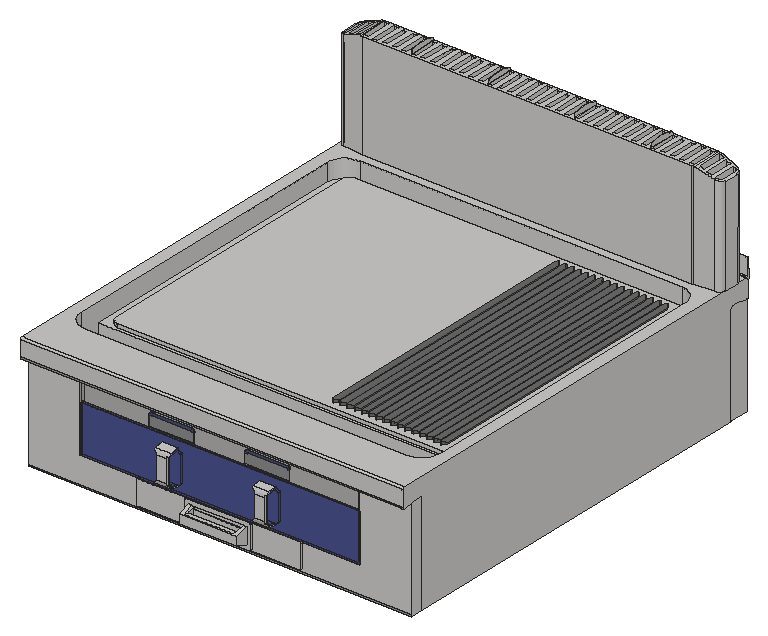
Revit family "QF_ELECTROLUXPROFESSIONAL_593325_MCHNABHOVO", category Specialty Equipment, Revit 2018 (continued)
Definition of nested family "GG_900_Backsplash for 800 fryer"
  Automatic sketch dimensions
    Extrusion 39 sketch curve to Extrusion 39 sketch curve = 0.056 mm
    Extrusion 39 sketch curve to Extrusion 39 sketch curve = 4 mm
    level to Extrusion 39 sketch curve = 1058.216 mm
    Extrusion 39 sketch curve to Extrusion 39 sketch curve = 49.354 mm
    Extrusion 39 sketch curve to Extrusion 39 sketch curve = 3.029 mm  (x2)
    Extrusion 39 sketch curve to Extrusion 39 sketch curve = 0.001 mm  (x4)
    Extrusion 39 sketch curve to Extrusion 39 sketch curve = 2.392 mm
    Extrusion 40 sketch curve to Extrusion 40 sketch curve = 0 mm  (x3)
    plane 4 to Extrusion 40 sketch curve = 152.48 mm
    Extrusion 40 sketch curve to Extrusion 40 sketch curve = 1 mm  (x2)
    Extrusion 40 sketch curve to Extrusion 40 sketch curve = 0.732 mm
    level to Extrusion 40 sketch curve = 1106.571 mm
    plane 6 to Extrusion 41 sketch curve = 26.484 mm
    Extrusion 41 sketch curve to Extrusion 41 sketch curve = 3.168 mm
    Extrusion 41 sketch curve to Extrusion 41 sketch curve = 0.003 mm
    Extrusion 41 sketch curve to Extrusion 41 sketch curve = 0.832 mm
    Extrusion 41 sketch curve to Extrusion 41 sketch curve = 11.257 mm
    Extrusion 41 sketch curve to Extrusion 41 sketch curve = 0 mm  (x2)
    Extrusion 41 sketch curve to plane 6 = 0.419 mm
    Extrusion 41 sketch curve to plane 6 = 12.894 mm
    Extrusion 41 sketch curve to Extrusion 41 sketch curve = 10.482 mm
    Extrusion 41 sketch curve to Extrusion 41 sketch curve = 0.775 mm
    Extrusion 41 sketch curve to Extrusion 41 sketch curve = 0.056 mm
    Extrusion 41 sketch curve to Extrusion 41 sketch curve = 4 mm
    level to Extrusion 41 sketch curve = 1058.216 mm
    Extrusion 41 sketch curve to Extrusion 41 sketch curve = 49.354 mm
    Extrusion 41 sketch curve to Extrusion 41 sketch curve = 3.029 mm  (x2)
    Extrusion 41 sketch curve to Extrusion 41 sketch curve = 0.001 mm  (x4)
    Extrusion 41 sketch curve to Extrusion 41 sketch curve = 2.392 mm
    Extrusion 42 sketch curve to Extrusion 42 sketch curve = 0 mm  (x3)
    Extrusion 42 sketch curve to plane 3 "Center (Left/Right)" = 87.373 mm
    Extrusion 42 sketch curve to Extrusion 42 sketch curve = 1 mm  (x2)
    Extrusion 42 sketch curve to Extrusion 42 sketch curve = 0.732 mm
    level to Extrusion 42 sketch curve = 1106.571 mm
    plane 6 to Extrusion 43 sketch curve = 26.484 mm
    Extrusion 43 sketch curve to Extrusion 43 sketch curve = 3.168 mm
    Extrusion 43 sketch curve to Extrusion 43 sketch curve = 0.003 mm
    Extrusion 43 sketch curve to Extrusion 43 sketch curve = 0.832 mm
    Extrusion 43 sketch curve to Extrusion 43 sketch curve = 11.257 mm
    Extrusion 43 sketch curve to Extrusion 43 sketch curve = 0 mm  (x2)
    Extrusion 43 sketch curve to plane 6 = 0.419 mm
    Extrusion 43 sketch curve to plane 6 = 12.894 mm
    Extrusion 43 sketch curve to Extrusion 43 sketch curve = 10.482 mm
    Extrusion 43 sketch curve to Extrusion 43 sketch curve = 0.775 mm
    Extrusion 43 sketch curve to Extrusion 43 sketch curve = 0.056 mm
    Extrusion 43 sketch curve to Extrusion 43 sketch curve = 4 mm
    level to Extrusion 43 sketch curve = 1058.216 mm
    Extrusion 43 sketch curve to Extrusion 43 sketch curve = 49.354 mm
    Extrusion 43 sketch curve to Extrusion 43 sketch curve = 3.029 mm  (x2)
    Extrusion 43 sketch curve to Extrusion 43 sketch curve = 0.001 mm  (x4)
    Extrusion 43 sketch curve to Extrusion 43 sketch curve = 2.392 mm
    Extrusion 44 sketch curve to Extrusion 44 sketch curve = 0 mm  (x3)
    Extrusion 44 sketch curve to plane 5 = 145 mm
    Extrusion 44 sketch curve to Extrusion 44 sketch curve = 1 mm  (x2)
    Extrusion 44 sketch curve to Extrusion 44 sketch curve = 0.732 mm
    level to Extrusion 44 sketch curve = 1107.571 mm
    plane 6 to Extrusion 45 sketch curve = 26.484 mm
    Extrusion 45 sketch curve to Extrusion 45 sketch curve = 3.168 mm
    Extrusion 45 sketch curve to Extrusion 45 sketch curve = 0.003 mm
    Extrusion 45 sketch curve to Extrusion 45 sketch curve = 0.832 mm
    Extrusion 45 sketch curve to Extrusion 45 sketch curve = 11.257 mm
    Extrusion 45 sketch curve to Extrusion 45 sketch curve = 0 mm  (x2)
    Extrusion 45 sketch curve to plane 6 = 0.419 mm
    Extrusion 45 sketch curve to plane 6 = 12.894 mm
    Extrusion 45 sketch curve to Extrusion 45 sketch curve = 10.482 mm
    Extrusion 45 sketch curve to Extrusion 45 sketch curve = 0.775 mm
    Extrusion 45 sketch curve to Extrusion 45 sketch curve = 0.056 mm
    Extrusion 45 sketch curve to Extrusion 45 sketch curve = 4 mm
    level to Extrusion 45 sketch curve = 1058.216 mm
    Extrusion 45 sketch curve to Extrusion 45 sketch curve = 49.354 mm
    Extrusion 45 sketch curve to Extrusion 45 sketch curve = 3.029 mm  (x2)
    Extrusion 45 sketch curve to Extrusion 45 sketch curve = 0.001 mm  (x4)
    Extrusion 45 sketch curve to Extrusion 45 sketch curve = 2.392 mm
    Extrusion 46 sketch curve to Extrusion 46 sketch curve = 0 mm  (x3)
    plane 3 "Center (Left/Right)" to Extrusion 46 sketch curve = 94.792 mm
    Extrusion 46 sketch curve to Extrusion 46 sketch curve = 1 mm  (x2)
    Extrusion 46 sketch curve to Extrusion 46 sketch curve = 0.732 mm
    level to Extrusion 46 sketch curve = 1107.571 mm
    curve 15 to plane 5 = 0 mm
    plane 6 to curve 6 = 32.954 mm
    curve 17 to plane 4 = 0 mm
    plane 4 to curve 16 = 0.886 mm
    plane 4 to curve 2 = 11.608 mm
    plane 4 to curve 7 = 11.608 mm
    curve 5 to curve 6 = 58.231 mm
    plane 1 "Center (Front/Back)" to curve 1 = 5.039 mm
    curve 3 to curve 1 = 58.231 mm
    curve 8 to plane 5 = 70.951 mm
    curve 1 to curve 6 = 0 mm
    curve 12 to plane 5 = 12.72 mm
    curve 8 to plane 5 = 12.72 mm
    curve 15 to plane 5 = 1.998 mm
    curve 14 to curve 9 = 1.998 mm
    plane 4 to curve 17 = 0.886 mm
    curve 3 to curve 3 = 11.746 mm
    curve 5 to curve 5 = 11.746 mm
    curve 11 to curve 11 = 11.746 mm
    curve 10 to curve 10 = 11.746 mm
    plane 6 to curve 7 = 27.86 mm
    plane 6 to curve 8 = 27.86 mm
    plane 6 to curve 15 = 15.407 mm
    curve 14 to plane 6 = 15.407 mm
    curve 4 to plane 6 = 15.407 mm
    plane 1 "Center (Front/Back)" to curve 2 = 10.134 mm
    plane 1 "Center (Front/Back)" to curve 12 = 10.134 mm
    plane 6 to curve 17 = 15.407 mm
Definition of nested family "GG_900_800 mm Half Grate"
  Parameters
    Length = 662 mm
    Array = Length / 15 mm  # 44
  Reference planes
    plane 1 "Center (Front/Back)": y = 0
    plane 2: z = 0
    plane 3 "Center (Left/Right)": x = 0
    plane 4: x = -355
    plane 5: x = 355
    plane 6: z = 900
    plane 7: z = 888
    plane 8: x = -331
    plane 9: x = 331
  Forms (mm)
    Extrusion 1, solid
      sketch origin (453.786, 467.26, 0) x (1, 0, 0) y (0, 1, 0)
        loop
          line (-808.786, -175.198) -> (-808.786, -760.472)
          arc (-808.786, -760.472) -> (-803.807, -772.493) -> (-791.786, -777.472) r 17
          line (-791.786, -777.472) -> (-116.936, -777.472)
          arc (-116.936, -777.472) -> (-104.102, -772.156) -> (-98.786, -759.322) r 18.15
          line (-98.786, -759.322) -> (-98.786, -175.198)
          arc (-98.786, -175.198) -> (-104.102, -162.364) -> (-116.936, -157.048) r 18.15
          line (-116.936, -157.048) -> (-790.636, -157.048)
          arc (-790.636, -157.048) -> (-803.47, -162.364) -> (-808.786, -175.198) r 18.15
      from 888 to 894.474
  Lines and regions (mm)
    symbolic lines
      curve 1: line (324.5, -295.767, 0) -> (318, -286.484, 0)
      curve 2: line (331, -286.484, 0) -> (324.5, -295.767, 0)
      curve 3: line (98.105, -295.767, 0) -> (91.605, -286.484, 0)
      curve 4: line (104.605, -286.484, 0) -> (98.105, -295.767, 0)
      curve 5: line (113.198, -295.767, 0) -> (106.698, -286.484, 0)
      curve 6: line (119.698, -286.484, 0) -> (113.198, -295.767, 0)
      curve 7: line (128.291, -295.767, 0) -> (121.791, -286.484, 0)
      curve 8: line (134.791, -286.484, 0) -> (128.291, -295.767, 0)
      curve 9: line (143.384, -295.767, 0) -> (136.884, -286.484, 0)
      curve 10: line (149.884, -286.484, 0) -> (143.384, -295.767, 0)
      curve 11: line (158.477, -295.767, 0) -> (151.977, -286.484, 0)
      curve 12: line (164.977, -286.484, 0) -> (158.477, -295.767, 0)
      curve 13: line (173.57, -295.767, 0) -> (167.07, -286.484, 0)
      curve 14: line (180.07, -286.484, 0) -> (173.57, -295.767, 0)
      curve 15: line (188.663, -295.767, 0) -> (182.163, -286.484, 0)
      curve 16: line (195.163, -286.484, 0) -> (188.663, -295.767, 0)
      curve 17: line (203.756, -295.767, 0) -> (197.256, -286.484, 0)
      curve 18: line (210.256, -286.484, 0) -> (203.756, -295.767, 0)
      curve 19: line (218.849, -295.767, 0) -> (212.349, -286.484, 0)
      curve 20: line (225.349, -286.484, 0) -> (218.849, -295.767, 0)
      curve 21: line (233.942, -295.767, 0) -> (227.442, -286.484, 0)
      curve 22: line (240.442, -286.484, 0) -> (233.942, -295.767, 0)
      curve 23: line (249.035, -295.767, 0) -> (242.535, -286.484, 0)
      curve 24: line (255.535, -286.484, 0) -> (249.035, -295.767, 0)
      curve 25: line (264.128, -295.767, 0) -> (257.628, -286.484, 0)
      curve 26: line (270.628, -286.484, 0) -> (264.128, -295.767, 0)
      curve 27: line (279.221, -295.767, 0) -> (272.721, -286.484, 0)
      curve 28: line (285.721, -286.484, 0) -> (279.221, -295.767, 0)
      curve 29: line (294.314, -295.767, 0) -> (287.814, -286.484, 0)
      curve 30: line (300.814, -286.484, 0) -> (294.314, -295.767, 0)
      curve 31: line (309.407, -295.767, 0) -> (302.907, -286.484, 0)
      curve 32: line (315.907, -286.484, 0) -> (309.407, -295.767, 0)
      curve 33: line (336.85, 310.212, 0) -> (-336.85, 310.212, 0)
      curve 34: arc (-336.85, 310.212, 0) -> (-349.684, 304.896, 0) -> (-355, 292.062, 0) r 18.15
      curve 35: line (-355, 292.062, 0) -> (-355, -293.212, 0)
      curve 36: arc (-355, -293.212, 0) -> (-350.021, -305.233, 0) -> (-338, -310.212, 0) r 17
      curve 37: line (-338, -310.212, 0) -> (336.85, -310.212, 0)
      curve 38: arc (336.85, -310.212, 0) -> (349.684, -304.896, 0) -> (355, -292.062, 0) r 18.15
      curve 39: line (355, -292.062, 0) -> (355, 292.062, 0)
      curve 40: arc (355, 292.062, 0) -> (349.684, 304.896, 0) -> (336.85, 310.212, 0) r 18.15
  Dimensions and locks
    plane 6 to level = 900 mm
    plane 6 to plane 7 = 12 mm
    locked: plane 9 to plane 5 at 24
    "Length": plane 8 to plane 9
    plane 4 to plane 5 = 710 mm
    plane 4 to plane 8 = 24 mm
    aligned and locked: Extrusion 1 to plane 7
    aligned and locked: plane 9 to nested 1
    aligned and locked: curve 34 to Extrusion 1
    aligned and locked: curve 38 to Extrusion 1
    aligned and locked: curve 40 to Extrusion 1
  Automatic sketch dimensions
    Extrusion 1 sketch curve to plane 4 = 0 mm
    Extrusion 1 sketch curve to plane 5 = 0 mm
    Extrusion 1 sketch curve to plane 8 = 7 mm
    Extrusion 1 sketch curve to plane 8 = 5.85 mm
    plane 9 to Extrusion 1 sketch curve = 5.85 mm  (x2)
    plane 1 "Center (Front/Back)" to Extrusion 1 sketch curve = 310.212 mm
    Extrusion 1 sketch curve to plane 1 "Center (Front/Back)" = 292.062 mm
    curve 36 to plane 8 = 7 mm
    curve 1 to curve 1 = 6.5 mm
    curve 1 to curve 1 = 9.283 mm
    curve 1 to curve 2 = 6.5 mm
    curve 1 to curve 2 = 9.283 mm
    curve 3 to curve 3 = 6.5 mm
    curve 3 to curve 3 = 9.283 mm
    curve 3 to curve 4 = 6.5 mm
    curve 3 to curve 4 = 9.283 mm
    curve 5 to curve 5 = 6.5 mm
    curve 5 to curve 5 = 9.283 mm
    curve 5 to curve 6 = 6.5 mm
    curve 5 to curve 6 = 9.283 mm
    curve 7 to curve 7 = 6.5 mm
    curve 7 to curve 7 = 9.283 mm
    curve 7 to curve 8 = 6.5 mm
    curve 7 to curve 8 = 9.283 mm
    curve 9 to curve 9 = 6.5 mm
    curve 9 to curve 9 = 9.283 mm
    curve 9 to curve 10 = 6.5 mm
    curve 9 to curve 10 = 9.283 mm
    curve 11 to curve 11 = 6.5 mm
    curve 11 to curve 11 = 9.283 mm
    curve 11 to curve 12 = 6.5 mm
    curve 11 to curve 12 = 9.283 mm
    curve 13 to curve 13 = 6.5 mm
    curve 13 to curve 13 = 9.283 mm
    curve 13 to curve 14 = 6.5 mm
    curve 13 to curve 14 = 9.283 mm
    curve 15 to curve 15 = 6.5 mm
    curve 15 to curve 15 = 9.283 mm
    curve 15 to curve 16 = 6.5 mm
    curve 15 to curve 16 = 9.283 mm
    curve 17 to curve 17 = 6.5 mm
    curve 17 to curve 17 = 9.283 mm
    curve 17 to curve 18 = 6.5 mm
    curve 17 to curve 18 = 9.283 mm
    curve 19 to curve 19 = 6.5 mm
    curve 19 to curve 19 = 9.283 mm
    curve 19 to curve 20 = 6.5 mm
    curve 19 to curve 20 = 9.283 mm
    curve 21 to curve 21 = 6.5 mm
    curve 21 to curve 21 = 9.283 mm
    curve 21 to curve 22 = 6.5 mm
    curve 21 to curve 22 = 9.283 mm
    curve 23 to curve 23 = 6.5 mm
    curve 23 to curve 23 = 9.283 mm
    curve 23 to curve 24 = 6.5 mm
    curve 23 to curve 24 = 9.283 mm
    curve 25 to curve 25 = 6.5 mm
    curve 25 to curve 25 = 9.283 mm
    curve 25 to curve 26 = 6.5 mm
    curve 25 to curve 26 = 9.283 mm
    curve 27 to curve 27 = 6.5 mm
    curve 27 to curve 27 = 9.283 mm
    curve 27 to curve 28 = 6.5 mm
    curve 27 to curve 28 = 9.283 mm
    curve 29 to curve 29 = 6.5 mm
    curve 29 to curve 29 = 9.283 mm
    curve 29 to curve 30 = 6.5 mm
    curve 29 to curve 30 = 9.283 mm
    curve 31 to curve 31 = 6.5 mm
    curve 31 to curve 31 = 9.283 mm
    curve 31 to curve 32 = 6.5 mm
    curve 31 to curve 32 = 9.283 mm
  Nested families
    nested 1: "Grate for Griddle" at (324.5, 0, 11.99), type "Grate for Griddle"
    nested 2: "Grate for Griddle" at (98.105, 0, 11.99), type "Grate for Griddle"
    nested 3: "Grate for Griddle" at (113.198, 0, 11.99), type "Grate for Griddle"
    nested 4: "Grate for Griddle" at (128.291, 0, 11.99), type "Grate for Griddle"
    nested 5: "Grate for Griddle" at (143.384, 0, 11.99), type "Grate for Griddle"
    nested 6: "Grate for Griddle" at (158.477, 0, 11.99), type "Grate for Griddle"
    nested 7: "Grate for Griddle" at (173.57, 0, 11.99), type "Grate for Griddle"
    nested 8: "Grate for Griddle" at (188.663, 0, 11.99), type "Grate for Griddle"
    nested 9: "Grate for Griddle" at (203.756, 0, 11.99), type "Grate for Griddle"
    nested 10: "Grate for Griddle" at (218.849, 0, 11.99), type "Grate for Griddle"
    nested 11: "Grate for Griddle" at (233.942, 0, 11.99), type "Grate for Griddle"
    nested 12: "Grate for Griddle" at (249.035, 0, 11.99), type "Grate for Griddle"
    nested 13: "Grate for Griddle" at (264.128, 0, 11.99), type "Grate for Griddle"
    nested 14: "Grate for Griddle" at (279.221, 0, 11.99), type "Grate for Griddle"
    nested 15: "Grate for Griddle" at (294.314, 0, 11.99), type "Grate for Griddle"
    nested 16: "Grate for Griddle" at (309.407, 0, 11.99), type "Grate for Griddle"
  Definition of nested family "Grate for Griddle"
    Reference planes
      plane 1 "Center (Front/Back)": y = 0
      plane 2: z = 0
      plane 3 "Center (Left/Right)": x = 0
      plane 4: x = -5.214
      plane 5: x = 7.786
      plane 6: y = 294
      plane 7: y = -294
    Forms (mm)
      Extrusion 1, solid
        sketch origin (1322.686, 294, -6.066) x (1, 0, 0) y (0, 0, 1)
          loop
            line (-1316.186, 888.55) -> (-1316.186, 890.55)
            arc (-1316.186, 890.55) -> (-1322.686, 894.177) -> (-1329.186, 890.55) r 7.638
            line (-1329.186, 890.55) -> (-1329.186, 888.55) -> (-1316.186, 888.55)
        from 0 to 588
      Extrusion 2, void
        sketch origin (0, 0, 0) x (1, 0, 0) y (0, 1, 0)
          loop
            line (-1.237, 294) -> (-6.5, 294) -> (-6.5, 286.484) -> (-1.237, 294)
          loop
            line (1.237, 294) -> (6.5, 286.484) -> (6.5, 294) -> (1.237, 294)
          loop
            line (-1.237, -294) -> (-6.5, -286.484) -> (-6.5, -294) -> (-1.237, -294)
          loop
            line (1.237, -294) -> (6.5, -294) -> (6.5, -286.484) -> (1.237, -294)
        from 878.991 to 892.372
    Cuts and joins
      Extrusion 2 cuts Extrusion 1
    Lines and regions (mm)
      symbolic lines
        curve 1: line (6.5, -286.484, 0) -> (6.5, 286.484, 0)
        curve 2: line (6.5, -286.484, 0) -> (1.237, -294, 0)
        curve 3: line (-1.237, -294, 0) -> (-6.5, -286.484, 0)
        curve 4: line (-6.5, 286.484, 0) -> (-6.5, -286.484, 0)
        curve 5: line (-6.5, 286.484, 0) -> (-1.237, 294, 0)
        curve 6: line (1.237, 294, 0) -> (6.5, 286.484, 0)
    Dimensions and locks
      plane 6 to plane 7 = 588 mm
      aligned and locked: Extrusion 1 to plane 7
      aligned and locked: plane 6 to Extrusion 1
      aligned and locked: curve 1 to cut or joined group of Extrusion 1, Extrusion 2
      aligned and locked: curve 2 to cut or joined group of Extrusion 1, Extrusion 2
      aligned and locked: curve 3 to cut or joined group of Extrusion 1, Extrusion 2
      aligned and locked: curve 4 to cut or joined group of Extrusion 1, Extrusion 2
      aligned and locked: curve 5 to cut or joined group of Extrusion 1, Extrusion 2
      aligned and locked: curve 6 to cut or joined group of Extrusion 1, Extrusion 2
